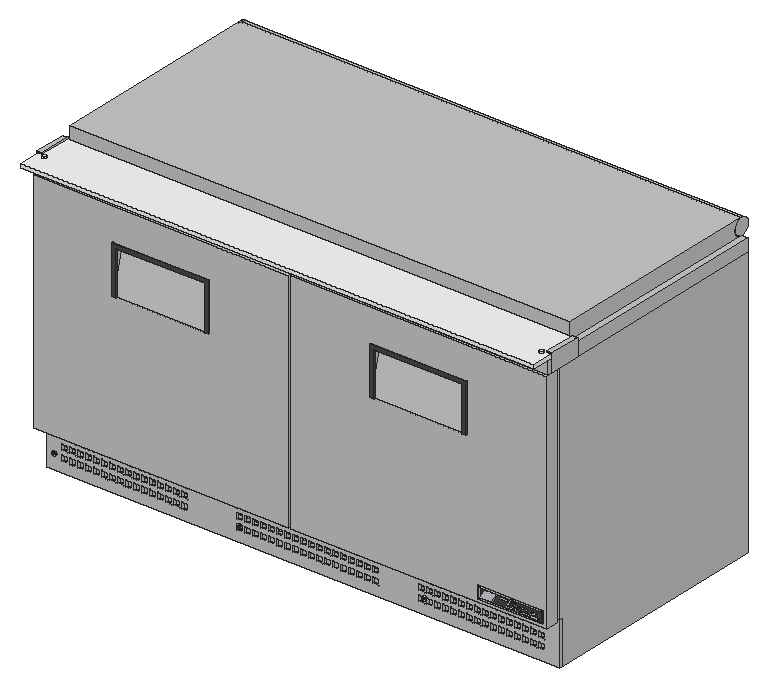
Revit family "QF_TRUE_TFP-64-24M-FGLID", category Specialty Equipment, Revit 2016
Family settings
  Part Type = Normal
  Round Connector Dimension = Use Diameter
  Work Plane-Based = No
  Always vertical = Yes
  Cut with Voids When Loaded = No
  Shared = No
  Room Calculation Point = No
Parameters
  Weight in Pounds = 570
  Watts = if(Phase = 3, Volts * FL Amps * 1.73, Volts * FL Amps)  # 552 W
  Volts = 115 V
  URL Cutsheet = ""
  Specification by User = ""
  Specification by Manufacturer = ""
  Show Logo [instance] = yes
  Show Clearance [instance] = yes
  Serial Number = ""
  Seismic Rating = ""
  SMACNA No = ""
  Revision Code = ""
  Phase = 1
  Number of Poles = 1
  NAFEM Spec ID Number = ""
  Model = "TFP-64-24M-FGLID"
  Min Ckt Ampacity = 0 A
  Max Overcurrent Protection = 0 A
  Masterspec = ""
  Manufacturer = "TRUE"
  Length = 64 1/8"
  Item Number = ""
  Installed By = ""
  Identify Quantity as Lot = yes
  Height = 38"
  HP = "1/3"
  Furnished By = ""
  Foodservice Equipment Identifier = yes
  FL Amps = 4.8 A
  Electrical Remarks = ""
  Electric Connection Type = ""
  Elec Conn RI Height = 0"
  Elec Conn Connection Height = 0"
  Description = "FOOD PREP UNIT WITH FLAT GLASS LID"
  Depth = 34 1/2"
  Cycle = 60 Hz
  Conn Plug = "NEMA 5-15P"
  Conn Conduit = yes
  CSI MasterFormat = ""
  Apparent Power = if(Phase = 3, Volts * FL Amps * 1.73, Volts * FL Amps)  # 552 VA
Reference planes (in)
  plane 1 "BACK": y = 0
  plane 2: z = 0
  plane 3 "LEFT": x = 0
  plane 4 "RIGHT": x = 64.125
  plane 5 "FRONT": y = -34.5
  plane 6 "TOP": z = 38
  plane 7 "Center Y": x = 32.0625
  plane 8 "Center X": y = -17.25
  plane 9: z = 0.75
  plane 10: z = 36
Dimensions and locks (in)
  equal spacing: plane 3 "LEFT", plane 7 "Center Y", plane 4 "RIGHT"
  "Length": plane 3 "LEFT" to plane 4 "RIGHT"
  equal spacing: plane 5 "FRONT", plane 8 "Center X", plane 1 "BACK"
  "Depth": plane 5 "FRONT" to plane 1 "BACK"
  "Height": plane 6 "TOP" to level
  plane 9 to level = 3/4"
  plane 10 to level = 36"
  aligned and locked: level to plane 2
Nested families (in)
  nested 1: "TFP-64-24M-FGLID" at (0, 16.5, 0), Show Logo <- "Show Logo", Show Clearance <- "Show Clearance", type "TFP-48-18M-FGLID"
    with Type Mark "", Specification by User "", Show Logo yes, Show Clearance yes, Revision Code "", Number of Poles 1, Item Number "", Installed By "", Identify Quantity as Lot yes, Furnished By "", Foodservice Equipment Identifier yes, Electrical Remarks "", Electric Connection Type "", Elec Conn RI Height 0", Elec Conn Connection Height 0"
Connectors (in)
  electrical at (29.81237, -0.96875, 6.1875), driven by "Volts", driven by "Watts"
    settings: on nested 1, index 1, voltage 115 V, apparent load 0 VA, apparent load phase1 552 VA, apparent load phase2 0 VA, apparent load phase3 0 VA, power factor 1, load classification "Other", number of poles 1, system type 30, power factor state 1, is connector primary yes, connector utility no, sub classification motor no, connector description "ELECTRICAL CONNECTION"
Definition of nested family "TFP-64-24M-FGLID"
  Parameters (values of type "TFP-48-18M-FGLID")
    Weight in Pounds = 0
    Watts = FL Amps * Volts  # 333.5 W
    Volts = 115 V
    URL Cutsheet = "www.truemfg.com"
    URL = "www.truemfg.com"
    Type Mark [instance] = ""
    Specification by User [instance] = ""
    Specification by Manufacturer = ""
    Show Logo [instance] = yes
    Show Clearance [instance] = yes
    Serial Number = ""
    Seismic Rating = ""
    SMACNA No = ""
    Revision Code [instance] = ""
    Phase = 1
    Omniclass Number and Title = ""
    Number of Poles [instance] = 1
    NAFEM Spec ID Number = ""
    Model = "TFP-48-18M-D-4 LID"
    Min Ckt Ampacity = 0 A
    Max Overcurrent Protection = 0 A
    Masterspec = ""
    Manufacturer = "TRUE FOOD SERVICE EQUIPMENT, INC."
    Item Number [instance] = ""
    Installed By [instance] = ""
    Identify Quantity as Lot [instance] = yes
    HP = "1/5"
    Furnished By [instance] = ""
    Foodservice Equipment Identifier [instance] = yes
    FL Amps = 2.9 A
    Electrical Remarks [instance] = ""
    Electric Connection Type [instance] = ""
    Elec Conn RI Height [instance] = 0"
    Elec Conn Connection Height [instance] = 0"
    Description = "DRAWERED FOOD PREP UNIT"
    Cycle = 60 Hz
    Conn Plug = "5-15P"
    Conn Conduit = yes
    CSI MasterFormat = ""
    CSI Master Format = ""
    Apparent Power = if(Phase = 3, Volts * FL Amps * 1.73, Volts * FL Amps)  # 333.5 VA
  Reference planes (in)
    plane 1 "BACK": y = -16.5
    plane 2: z = 0
    plane 3 "LEFT": x = 0
    plane 4 "RIGHT": x = 64.125
    plane 5 "FRONT": y = -51
    plane 6 "TOP": z = 38
    plane 7: y = -48.75
    plane 8: z = 0.75
    plane 9: z = 59.625
    plane 10: z = 36
    plane 11: y = -71.25
    plane 12: x = 0.8125
    plane 13: x = 63.3125
    plane 14: x = 3.76605
    plane 15: x = 60.35895
    plane 16: x = 32.0625
  Forms (in)
    Extrusion 1, solid
      sketch origin (8, -16.96875, 0) x (1, 0, 0) y (0, 0, 1)
        loop
          line (-8, 0.75) -> (56.125, 0.75) -> (56.125, 6.05001) -> (-8, 6.05001) -> (-8, 0.75)
        loop
          line (-6.10691, 5.23339) -> (-6.10691, 4.48339) -> (-5.35691, 4.48339) -> (-5.35691, 5.23339) -> (-6.10691, 5.23339)
        loop
          line (-4.10691, 5.23339) -> (-4.10691, 4.48339) -> (-3.35691, 4.48339) -> (-3.35691, 5.23339) -> (-4.10691, 5.23339)
        loop
          line (-2.10691, 5.23339) -> (-2.10691, 4.48339) -> (-1.35691, 4.48339) -> (-1.35691, 5.23339) -> (-2.10691, 5.23339)
        loop
          line (-0.10691, 5.23339) -> (-0.10691, 4.48339) -> (0.64309, 4.48339) -> (0.64309, 5.23339) -> (-0.10691, 5.23339)
        loop
          line (1.89309, 5.23339) -> (1.89309, 4.48339) -> (2.64309, 4.48339) -> (2.64309, 5.23339) -> (1.89309, 5.23339)
        loop
          line (3.89309, 5.23339) -> (3.89309, 4.48339) -> (4.64309, 4.48339) -> (4.64309, 5.23339) -> (3.89309, 5.23339)
        loop
          line (5.89309, 5.23339) -> (5.89309, 4.48339) -> (6.64309, 4.48339) -> (6.64309, 5.23339) -> (5.89309, 5.23339)
        loop
          line (-6.10691, 3.98339) -> (-6.10691, 3.23339) -> (-5.35691, 3.23339) -> (-5.35691, 3.98339) -> (-6.10691, 3.98339)
        loop
          line (-4.10691, 3.98339) -> (-4.10691, 3.23339) -> (-3.35691, 3.23339) -> (-3.35691, 3.98339) -> (-4.10691, 3.98339)
        loop
          line (-2.10691, 3.98339) -> (-2.10691, 3.23339) -> (-1.35691, 3.23339) -> (-1.35691, 3.98339) -> (-2.10691, 3.98339)
        loop
          line (-0.10691, 3.98339) -> (-0.10691, 3.23339) -> (0.64309, 3.23339) -> (0.64309, 3.98339) -> (-0.10691, 3.98339)
        loop
          line (1.89309, 3.98339) -> (1.89309, 3.23339) -> (2.64309, 3.23339) -> (2.64309, 3.98339) -> (1.89309, 3.98339)
        loop
          line (3.89309, 3.98339) -> (3.89309, 3.23339) -> (4.64309, 3.23339) -> (4.64309, 3.98339) -> (3.89309, 3.98339)
        loop
          line (5.89309, 3.98339) -> (5.89309, 3.23339) -> (6.64309, 3.23339) -> (6.64309, 3.98339) -> (5.89309, 3.98339)
        loop
          line (-6.10691, 2.73339) -> (-6.10691, 1.98339) -> (-5.35691, 1.98339) -> (-5.35691, 2.73339) -> (-6.10691, 2.73339)
        loop
          line (-4.10691, 2.73339) -> (-4.10691, 1.98339) -> (-3.35691, 1.98339) -> (-3.35691, 2.73339) -> (-4.10691, 2.73339)
        loop
          line (-2.10691, 2.73339) -> (-2.10691, 1.98339) -> (-1.35691, 1.98339) -> (-1.35691, 2.73339) -> (-2.10691, 2.73339)
        loop
          line (-0.10691, 2.73339) -> (-0.10691, 1.98339) -> (0.64309, 1.98339) -> (0.64309, 2.73339) -> (-0.10691, 2.73339)
        loop
          line (1.89309, 2.73339) -> (1.89309, 1.98339) -> (2.64309, 1.98339) -> (2.64309, 2.73339) -> (1.89309, 2.73339)
        loop
          line (3.89309, 2.73339) -> (3.89309, 1.98339) -> (4.64309, 1.98339) -> (4.64309, 2.73339) -> (3.89309, 2.73339)
        loop
          line (5.89309, 2.73339) -> (5.89309, 1.98339) -> (6.64309, 1.98339) -> (6.64309, 2.73339) -> (5.89309, 2.73339)
        loop
          line (-5.10691, 5.23339) -> (-5.10691, 4.48339) -> (-4.35691, 4.48339) -> (-4.35691, 5.23339) -> (-5.10691, 5.23339)
        loop
          line (-5.10691, 3.98339) -> (-5.10691, 3.23339) -> (-4.35691, 3.23339) -> (-4.35691, 3.98339) -> (-5.10691, 3.98339)
        loop
          line (-5.10691, 2.73339) -> (-5.10691, 1.98339) -> (-4.35691, 1.98339) -> (-4.35691, 2.73339) -> (-5.10691, 2.73339)
        loop
          line (-3.10691, 5.23339) -> (-3.10691, 4.48339) -> (-2.35691, 4.48339) -> (-2.35691, 5.23339) -> (-3.10691, 5.23339)
        loop
          line (-3.10691, 3.98339) -> (-3.10691, 3.23339) -> (-2.35691, 3.23339) -> (-2.35691, 3.98339) -> (-3.10691, 3.98339)
        loop
          line (-3.10691, 2.73339) -> (-3.10691, 1.98339) -> (-2.35691, 1.98339) -> (-2.35691, 2.73339) -> (-3.10691, 2.73339)
        loop
          line (-1.10691, 5.23339) -> (-1.10691, 4.48339) -> (-0.35691, 4.48339) -> (-0.35691, 5.23339) -> (-1.10691, 5.23339)
        loop
          line (-1.10691, 3.98339) -> (-1.10691, 3.23339) -> (-0.35691, 3.23339) -> (-0.35691, 3.98339) -> (-1.10691, 3.98339)
        loop
          line (-1.10691, 2.73339) -> (-1.10691, 1.98339) -> (-0.35691, 1.98339) -> (-0.35691, 2.73339) -> (-1.10691, 2.73339)
        loop
          line (0.89309, 5.23339) -> (0.89309, 4.48339) -> (1.64309, 4.48339) -> (1.64309, 5.23339) -> (0.89309, 5.23339)
        loop
          line (0.89309, 3.98339) -> (0.89309, 3.23339) -> (1.64309, 3.23339) -> (1.64309, 3.98339) -> (0.89309, 3.98339)
        loop
          line (0.89309, 2.73339) -> (0.89309, 1.98339) -> (1.64309, 1.98339) -> (1.64309, 2.73339) -> (0.89309, 2.73339)
        loop
          line (2.89309, 5.23339) -> (2.89309, 4.48339) -> (3.64309, 4.48339) -> (3.64309, 5.23339) -> (2.89309, 5.23339)
        loop
          line (2.89309, 3.98339) -> (2.89309, 3.23339) -> (3.64309, 3.23339) -> (3.64309, 3.98339) -> (2.89309, 3.98339)
        loop
          line (2.89309, 2.73339) -> (2.89309, 1.98339) -> (3.64309, 1.98339) -> (3.64309, 2.73339) -> (2.89309, 2.73339)
        loop
          line (4.89309, 5.23339) -> (4.89309, 4.48339) -> (5.64309, 4.48339) -> (5.64309, 5.23339) -> (4.89309, 5.23339)
        loop
          line (4.89309, 3.98339) -> (4.89309, 3.23339) -> (5.64309, 3.23339) -> (5.64309, 3.98339) -> (4.89309, 3.98339)
        loop
          line (4.89309, 2.73339) -> (4.89309, 1.98339) -> (5.64309, 1.98339) -> (5.64309, 2.73339) -> (4.89309, 2.73339)
        loop
          line (7.89309, 5.23339) -> (7.89309, 4.48339) -> (8.64309, 4.48339) -> (8.64309, 5.23339) -> (7.89309, 5.23339)
        loop
          line (7.89309, 3.98339) -> (7.89309, 3.23339) -> (8.64309, 3.23339) -> (8.64309, 3.98339) -> (7.89309, 3.98339)
        loop
          line (7.89309, 2.73339) -> (7.89309, 1.98339) -> (8.64309, 1.98339) -> (8.64309, 2.73339) -> (7.89309, 2.73339)
        loop
          line (6.89309, 5.23339) -> (6.89309, 4.48339) -> (7.64309, 4.48339) -> (7.64309, 5.23339) -> (6.89309, 5.23339)
        loop
          line (6.89309, 3.98339) -> (6.89309, 3.23339) -> (7.64309, 3.23339) -> (7.64309, 3.98339) -> (6.89309, 3.98339)
        loop
          line (6.89309, 2.73339) -> (6.89309, 1.98339) -> (7.64309, 1.98339) -> (7.64309, 2.73339) -> (6.89309, 2.73339)
        loop
          line (8.89309, 5.23339) -> (8.89309, 4.48339) -> (9.64309, 4.48339) -> (9.64309, 5.23339) -> (8.89309, 5.23339)
        loop
          line (8.89309, 3.98339) -> (8.89309, 3.23339) -> (9.64309, 3.23339) -> (9.64309, 3.98339) -> (8.89309, 3.98339)
        loop
          line (8.89309, 2.73339) -> (8.89309, 1.98339) -> (9.64309, 1.98339) -> (9.64309, 2.73339) -> (8.89309, 2.73339)
        loop
          line (30.4375, 5.23339) -> (29.6875, 5.23339) -> (29.6875, 4.48339) -> (30.4375, 4.48339) -> (30.4375, 5.23339)
        loop
          line (28.4375, 5.23339) -> (27.6875, 5.23339) -> (27.6875, 4.48339) -> (28.4375, 4.48339) -> (28.4375, 5.23339)
        loop
          line (26.4375, 5.23339) -> (25.6875, 5.23339) -> (25.6875, 4.48339) -> (26.4375, 4.48339) -> (26.4375, 5.23339)
        loop
          line (24.4375, 5.23339) -> (23.6875, 5.23339) -> (23.6875, 4.48339) -> (24.4375, 4.48339) -> (24.4375, 5.23339)
        loop
          line (30.4375, 3.98339) -> (29.6875, 3.98339) -> (29.6875, 3.23339) -> (30.4375, 3.23339) -> (30.4375, 3.98339)
        loop
          line (28.4375, 3.98339) -> (27.6875, 3.98339) -> (27.6875, 3.23339) -> (28.4375, 3.23339) -> (28.4375, 3.98339)
        loop
          line (26.4375, 3.98339) -> (25.6875, 3.98339) -> (25.6875, 3.23339) -> (26.4375, 3.23339) -> (26.4375, 3.98339)
        loop
          line (24.4375, 3.98339) -> (23.6875, 3.98339) -> (23.6875, 3.23339) -> (24.4375, 3.23339) -> (24.4375, 3.98339)
        loop
          line (30.4375, 2.73339) -> (29.6875, 2.73339) -> (29.6875, 1.98339) -> (30.4375, 1.98339) -> (30.4375, 2.73339)
        loop
          line (28.4375, 2.73339) -> (27.6875, 2.73339) -> (27.6875, 1.98339) -> (28.4375, 1.98339) -> (28.4375, 2.73339)
        loop
          line (26.4375, 2.73339) -> (25.6875, 2.73339) -> (25.6875, 1.98339) -> (26.4375, 1.98339) -> (26.4375, 2.73339)
        loop
          line (24.4375, 2.73339) -> (23.6875, 2.73339) -> (23.6875, 1.98339) -> (24.4375, 1.98339) -> (24.4375, 2.73339)
        loop
          line (31.4375, 5.23339) -> (30.6875, 5.23339) -> (30.6875, 4.48339) -> (31.4375, 4.48339) -> (31.4375, 5.23339)
        loop
          line (31.4375, 3.98339) -> (30.6875, 3.98339) -> (30.6875, 3.23339) -> (31.4375, 3.23339) -> (31.4375, 3.98339)
        loop
          line (31.4375, 2.73339) -> (30.6875, 2.73339) -> (30.6875, 1.98339) -> (31.4375, 1.98339) -> (31.4375, 2.73339)
        loop
          line (29.4375, 5.23339) -> (28.6875, 5.23339) -> (28.6875, 4.48339) -> (29.4375, 4.48339) -> (29.4375, 5.23339)
        loop
          line (29.4375, 3.98339) -> (28.6875, 3.98339) -> (28.6875, 3.23339) -> (29.4375, 3.23339) -> (29.4375, 3.98339)
        loop
          line (29.4375, 2.73339) -> (28.6875, 2.73339) -> (28.6875, 1.98339) -> (29.4375, 1.98339) -> (29.4375, 2.73339)
        loop
          line (27.4375, 5.23339) -> (26.6875, 5.23339) -> (26.6875, 4.48339) -> (27.4375, 4.48339) -> (27.4375, 5.23339)
        loop
          line (27.4375, 3.98339) -> (26.6875, 3.98339) -> (26.6875, 3.23339) -> (27.4375, 3.23339) -> (27.4375, 3.98339)
        loop
          line (27.4375, 2.73339) -> (26.6875, 2.73339) -> (26.6875, 1.98339) -> (27.4375, 1.98339) -> (27.4375, 2.73339)
        loop
          line (25.4375, 5.23339) -> (24.6875, 5.23339) -> (24.6875, 4.48339) -> (25.4375, 4.48339) -> (25.4375, 5.23339)
        loop
          line (25.4375, 3.98339) -> (24.6875, 3.98339) -> (24.6875, 3.23339) -> (25.4375, 3.23339) -> (25.4375, 3.98339)
        loop
          line (25.4375, 2.73339) -> (24.6875, 2.73339) -> (24.6875, 1.98339) -> (25.4375, 1.98339) -> (25.4375, 2.73339)
        loop
          line (22.4375, 5.23339) -> (21.6875, 5.23339) -> (21.6875, 4.48339) -> (22.4375, 4.48339) -> (22.4375, 5.23339)
        loop
          line (20.4375, 5.23339) -> (19.6875, 5.23339) -> (19.6875, 4.48339) -> (20.4375, 4.48339) -> (20.4375, 5.23339)
        loop
          line (18.4375, 5.23339) -> (17.6875, 5.23339) -> (17.6875, 4.48339) -> (18.4375, 4.48339) -> (18.4375, 5.23339)
        loop
          line (22.4375, 3.98339) -> (21.6875, 3.98339) -> (21.6875, 3.23339) -> (22.4375, 3.23339) -> (22.4375, 3.98339)
        loop
          line (20.4375, 3.98339) -> (19.6875, 3.98339) -> (19.6875, 3.23339) -> (20.4375, 3.23339) -> (20.4375, 3.98339)
        loop
          line (18.4375, 3.98339) -> (17.6875, 3.98339) -> (17.6875, 3.23339) -> (18.4375, 3.23339) -> (18.4375, 3.98339)
        loop
          line (22.4375, 2.73339) -> (21.6875, 2.73339) -> (21.6875, 1.98339) -> (22.4375, 1.98339) -> (22.4375, 2.73339)
        loop
          line (20.4375, 2.73339) -> (19.6875, 2.73339) -> (19.6875, 1.98339) -> (20.4375, 1.98339) -> (20.4375, 2.73339)
        loop
          line (18.4375, 2.73339) -> (17.6875, 2.73339) -> (17.6875, 1.98339) -> (18.4375, 1.98339) -> (18.4375, 2.73339)
        loop
          line (23.4375, 5.23339) -> (22.6875, 5.23339) -> (22.6875, 4.48339) -> (23.4375, 4.48339) -> (23.4375, 5.23339)
        loop
          line (23.4375, 3.98339) -> (22.6875, 3.98339) -> (22.6875, 3.23339) -> (23.4375, 3.23339) -> (23.4375, 3.98339)
        loop
          line (23.4375, 2.73339) -> (22.6875, 2.73339) -> (22.6875, 1.98339) -> (23.4375, 1.98339) -> (23.4375, 2.73339)
        loop
          line (21.4375, 5.23339) -> (20.6875, 5.23339) -> (20.6875, 4.48339) -> (21.4375, 4.48339) -> (21.4375, 5.23339)
        loop
          line (21.4375, 3.98339) -> (20.6875, 3.98339) -> (20.6875, 3.23339) -> (21.4375, 3.23339) -> (21.4375, 3.98339)
        loop
          line (21.4375, 2.73339) -> (20.6875, 2.73339) -> (20.6875, 1.98339) -> (21.4375, 1.98339) -> (21.4375, 2.73339)
        loop
          line (19.4375, 5.23339) -> (18.6875, 5.23339) -> (18.6875, 4.48339) -> (19.4375, 4.48339) -> (19.4375, 5.23339)
        loop
          line (19.4375, 3.98339) -> (18.6875, 3.98339) -> (18.6875, 3.23339) -> (19.4375, 3.23339) -> (19.4375, 3.98339)
        loop
          line (19.4375, 2.73339) -> (18.6875, 2.73339) -> (18.6875, 1.98339) -> (19.4375, 1.98339) -> (19.4375, 2.73339)
        loop
          line (16.4375, 5.23339) -> (15.6875, 5.23339) -> (15.6875, 4.48339) -> (16.4375, 4.48339) -> (16.4375, 5.23339)
        loop
          line (16.4375, 3.98339) -> (15.6875, 3.98339) -> (15.6875, 3.23339) -> (16.4375, 3.23339) -> (16.4375, 3.98339)
        loop
          line (16.4375, 2.73339) -> (15.6875, 2.73339) -> (15.6875, 1.98339) -> (16.4375, 1.98339) -> (16.4375, 2.73339)
        loop
          line (17.4375, 5.23339) -> (16.6875, 5.23339) -> (16.6875, 4.48339) -> (17.4375, 4.48339) -> (17.4375, 5.23339)
        loop
          line (17.4375, 3.98339) -> (16.6875, 3.98339) -> (16.6875, 3.23339) -> (17.4375, 3.23339) -> (17.4375, 3.98339)
        loop
          line (17.4375, 2.73339) -> (16.6875, 2.73339) -> (16.6875, 1.98339) -> (17.4375, 1.98339) -> (17.4375, 2.73339)
        loop
          line (54.23191, 5.23339) -> (53.48191, 5.23339) -> (53.48191, 4.48339) -> (54.23191, 4.48339) -> (54.23191, 5.23339)
        loop
          line (52.23191, 5.23339) -> (51.48191, 5.23339) -> (51.48191, 4.48339) -> (52.23191, 4.48339) -> (52.23191, 5.23339)
        loop
          line (50.23191, 5.23339) -> (49.48191, 5.23339) -> (49.48191, 4.48339) -> (50.23191, 4.48339) -> (50.23191, 5.23339)
        loop
          line (48.23191, 5.23339) -> (47.48191, 5.23339) -> (47.48191, 4.48339) -> (48.23191, 4.48339) -> (48.23191, 5.23339)
        loop
          line (46.23191, 5.23339) -> (45.48191, 5.23339) -> (45.48191, 4.48339) -> (46.23191, 4.48339) -> (46.23191, 5.23339)
        loop
          line (44.23191, 5.23339) -> (43.48191, 5.23339) -> (43.48191, 4.48339) -> (44.23191, 4.48339) -> (44.23191, 5.23339)
        loop
          line (42.23191, 5.23339) -> (41.48191, 5.23339) -> (41.48191, 4.48339) -> (42.23191, 4.48339) -> (42.23191, 5.23339)
        loop
          line (54.23191, 3.98339) -> (53.48191, 3.98339) -> (53.48191, 3.23339) -> (54.23191, 3.23339) -> (54.23191, 3.98339)
        loop
          line (52.23191, 3.98339) -> (51.48191, 3.98339) -> (51.48191, 3.23339) -> (52.23191, 3.23339) -> (52.23191, 3.98339)
        loop
          line (50.23191, 3.98339) -> (49.48191, 3.98339) -> (49.48191, 3.23339) -> (50.23191, 3.23339) -> (50.23191, 3.98339)
        loop
          line (48.23191, 3.98339) -> (47.48191, 3.98339) -> (47.48191, 3.23339) -> (48.23191, 3.23339) -> (48.23191, 3.98339)
        loop
          line (46.23191, 3.98339) -> (45.48191, 3.98339) -> (45.48191, 3.23339) -> (46.23191, 3.23339) -> (46.23191, 3.98339)
        loop
          line (44.23191, 3.98339) -> (43.48191, 3.98339) -> (43.48191, 3.23339) -> (44.23191, 3.23339) -> (44.23191, 3.98339)
        loop
          line (42.23191, 3.98339) -> (41.48191, 3.98339) -> (41.48191, 3.23339) -> (42.23191, 3.23339) -> (42.23191, 3.98339)
        loop
          line (54.23191, 2.73339) -> (53.48191, 2.73339) -> (53.48191, 1.98339) -> (54.23191, 1.98339) -> (54.23191, 2.73339)
        loop
          line (52.23191, 2.73339) -> (51.48191, 2.73339) -> (51.48191, 1.98339) -> (52.23191, 1.98339) -> (52.23191, 2.73339)
        loop
          line (50.23191, 2.73339) -> (49.48191, 2.73339) -> (49.48191, 1.98339) -> (50.23191, 1.98339) -> (50.23191, 2.73339)
        loop
          line (48.23191, 2.73339) -> (47.48191, 2.73339) -> (47.48191, 1.98339) -> (48.23191, 1.98339) -> (48.23191, 2.73339)
        loop
          line (46.23191, 2.73339) -> (45.48191, 2.73339) -> (45.48191, 1.98339) -> (46.23191, 1.98339) -> (46.23191, 2.73339)
        loop
          line (44.23191, 2.73339) -> (43.48191, 2.73339) -> (43.48191, 1.98339) -> (44.23191, 1.98339) -> (44.23191, 2.73339)
        loop
          line (42.23191, 2.73339) -> (41.48191, 2.73339) -> (41.48191, 1.98339) -> (42.23191, 1.98339) -> (42.23191, 2.73339)
        loop
          line (53.23191, 5.23339) -> (52.48191, 5.23339) -> (52.48191, 4.48339) -> (53.23191, 4.48339) -> (53.23191, 5.23339)
        loop
          line (53.23191, 3.98339) -> (52.48191, 3.98339) -> (52.48191, 3.23339) -> (53.23191, 3.23339) -> (53.23191, 3.98339)
        loop
          line (53.23191, 2.73339) -> (52.48191, 2.73339) -> (52.48191, 1.98339) -> (53.23191, 1.98339) -> (53.23191, 2.73339)
        loop
          line (51.23191, 5.23339) -> (50.48191, 5.23339) -> (50.48191, 4.48339) -> (51.23191, 4.48339) -> (51.23191, 5.23339)
        loop
          line (51.23191, 3.98339) -> (50.48191, 3.98339) -> (50.48191, 3.23339) -> (51.23191, 3.23339) -> (51.23191, 3.98339)
        loop
          line (51.23191, 2.73339) -> (50.48191, 2.73339) -> (50.48191, 1.98339) -> (51.23191, 1.98339) -> (51.23191, 2.73339)
        loop
          line (49.23191, 5.23339) -> (48.48191, 5.23339) -> (48.48191, 4.48339) -> (49.23191, 4.48339) -> (49.23191, 5.23339)
        loop
          line (49.23191, 3.98339) -> (48.48191, 3.98339) -> (48.48191, 3.23339) -> (49.23191, 3.23339) -> (49.23191, 3.98339)
        loop
          line (49.23191, 2.73339) -> (48.48191, 2.73339) -> (48.48191, 1.98339) -> (49.23191, 1.98339) -> (49.23191, 2.73339)
        loop
          line (47.23191, 5.23339) -> (46.48191, 5.23339) -> (46.48191, 4.48339) -> (47.23191, 4.48339) -> (47.23191, 5.23339)
        loop
          line (47.23191, 3.98339) -> (46.48191, 3.98339) -> (46.48191, 3.23339) -> (47.23191, 3.23339) -> (47.23191, 3.98339)
        loop
          line (47.23191, 2.73339) -> (46.48191, 2.73339) -> (46.48191, 1.98339) -> (47.23191, 1.98339) -> (47.23191, 2.73339)
        loop
          line (45.23191, 5.23339) -> (44.48191, 5.23339) -> (44.48191, 4.48339) -> (45.23191, 4.48339) -> (45.23191, 5.23339)
        loop
          line (45.23191, 3.98339) -> (44.48191, 3.98339) -> (44.48191, 3.23339) -> (45.23191, 3.23339) -> (45.23191, 3.98339)
        loop
          line (45.23191, 2.73339) -> (44.48191, 2.73339) -> (44.48191, 1.98339) -> (45.23191, 1.98339) -> (45.23191, 2.73339)
        loop
          line (43.23191, 5.23339) -> (42.48191, 5.23339) -> (42.48191, 4.48339) -> (43.23191, 4.48339) -> (43.23191, 5.23339)
        loop
          line (43.23191, 3.98339) -> (42.48191, 3.98339) -> (42.48191, 3.23339) -> (43.23191, 3.23339) -> (43.23191, 3.98339)
        loop
          line (43.23191, 2.73339) -> (42.48191, 2.73339) -> (42.48191, 1.98339) -> (43.23191, 1.98339) -> (43.23191, 2.73339)
        loop
          line (40.23191, 5.23339) -> (39.48191, 5.23339) -> (39.48191, 4.48339) -> (40.23191, 4.48339) -> (40.23191, 5.23339)
        loop
          line (40.23191, 3.98339) -> (39.48191, 3.98339) -> (39.48191, 3.23339) -> (40.23191, 3.23339) -> (40.23191, 3.98339)
        loop
          line (40.23191, 2.73339) -> (39.48191, 2.73339) -> (39.48191, 1.98339) -> (40.23191, 1.98339) -> (40.23191, 2.73339)
        loop
          line (41.23191, 5.23339) -> (40.48191, 5.23339) -> (40.48191, 4.48339) -> (41.23191, 4.48339) -> (41.23191, 5.23339)
        loop
          line (41.23191, 3.98339) -> (40.48191, 3.98339) -> (40.48191, 3.23339) -> (41.23191, 3.23339) -> (41.23191, 3.98339)
        loop
          line (41.23191, 2.73339) -> (40.48191, 2.73339) -> (40.48191, 1.98339) -> (41.23191, 1.98339) -> (41.23191, 2.73339)
        loop
          line (39.23191, 5.23339) -> (38.48191, 5.23339) -> (38.48191, 4.48339) -> (39.23191, 4.48339) -> (39.23191, 5.23339)
        loop
          line (39.23191, 3.98339) -> (38.48191, 3.98339) -> (38.48191, 3.23339) -> (39.23191, 3.23339) -> (39.23191, 3.98339)
        loop
          line (39.23191, 2.73339) -> (38.48191, 2.73339) -> (38.48191, 1.98339) -> (39.23191, 1.98339) -> (39.23191, 2.73339)
        loop
          line (32.4375, 5.23339) -> (31.6875, 5.23339) -> (31.6875, 4.48339) -> (32.4375, 4.48339) -> (32.4375, 5.23339)
        loop
          line (32.4375, 3.98339) -> (31.6875, 3.98339) -> (31.6875, 3.23339) -> (32.4375, 3.23339) -> (32.4375, 3.98339)
        loop
          line (32.4375, 2.73339) -> (31.6875, 2.73339) -> (31.6875, 1.98339) -> (32.4375, 1.98339) -> (32.4375, 2.73339)
        loop
          line (33.4375, 5.23339) -> (32.6875, 5.23339) -> (32.6875, 4.48339) -> (33.4375, 4.48339) -> (33.4375, 5.23339)
        loop
          line (33.4375, 3.98339) -> (32.6875, 3.98339) -> (32.6875, 3.23339) -> (33.4375, 3.23339) -> (33.4375, 3.98339)
        loop
          line (33.4375, 2.73339) -> (32.6875, 2.73339) -> (32.6875, 1.98339) -> (33.4375, 1.98339) -> (33.4375, 2.73339)
      from 29.62 to 29.87
    Extrusion 2, solid
      sketch origin (0, -0.96875, 0) x (0, 1, 0) y (0, 0, 1)
        loop
          line (-47.78125, 36) -> (-47.78125, 34.40823) -> (-16.53125, 34.40823) -> (-16.53125, 36) -> (-47.78125, 36)
      from 0 to 64.125
    Extrusion 3, solid
      sketch origin (0, -0.96875, 0) x (0, 1, 0) y (0, 0, 1)
        loop
          line (-45.87, 34.40823) -> (-45.87, 6.04042) -> (-17, 6.04042) -> (-17, 3.25) -> (-45.12, 3.25) -> (-45.12, 1) -> (-45.62, 1) -> (-45.62, 0.75) -> (-44.87, 0.75) -> (-44.87, 3) -> (-17, 3) -> (-17, 0.75) -> (-16.53125, 0.75) -> (-16.53125, 34.40823) -> (-45.87, 34.40823)
      from 0 to 64.125
    Extrusion 4, solid
      sketch origin (0, -17.46875, 0) x (1, 0, 0) y (0, 0, 1)
        loop
          line (0, 0.75) -> (0.53645, 0.75) -> (0.53645, 6.04042) -> (0, 6.04042) -> (0, 0.75)
        loop
          line (64.125, 0.75) -> (64.125, 6.04042) -> (63.58855, 6.04042) -> (63.58855, 0.75) -> (64.125, 0.75)
      from 0.03125 to 29.12
    Extrusion 5, solid
      sketch origin (0, -15.96875, 0) x (1, 0, 0) y (0, 0, 1)
        loop
          line (31.9375, 6.04042) -> (31.9375, 34.28323) -> (0, 34.28323) -> (0, 6.04042) -> (31.9375, 6.04042)
        loop
          line (9.96875, 24.28323) -> (21.96875, 24.28323) -> (21.96875, 30.28323) -> (9.96875, 30.28323) -> (9.96875, 24.28323)
        loop
          line (32.1875, 6.04042) -> (64.125, 6.04042) -> (64.125, 34.28323) -> (32.1875, 34.28323) -> (32.1875, 6.04042)
        loop
          line (54.15625, 24.28323) -> (54.15625, 30.28323) -> (42.15625, 30.28323) -> (42.15625, 24.28323) -> (54.15625, 24.28323)
      from 31.44201 to 33
    Extrusion 6, solid
      sketch origin (0, 0.53125, 0) x (0, 1, 0) y (0, 0, 1)
        loop
          line (-47.94201, 33.8406) -> (-47.94201, 20.62458) -> (-47.37, 20.62458) -> (-47.37, 33.8406) -> (-47.94201, 33.8406)
        loop
          line (-47.94201, 19.61128) -> (-47.94201, 6.82675) -> (-47.37, 6.82675) -> (-47.37, 19.61128) -> (-47.94201, 19.61128)
      from 0.53645 to 31.4375
    Extrusion 7, solid
      sketch origin (21.96875, -15.96875, 24.28323) x (0, 0, 1) y (0, 1, 0)
        loop
          line (6, -31.44201) -> (0, -31.44201) -> (0, -33) -> (6, -31.44201)
      from 0 to 12
    Extrusion 8, solid
      sketch origin (-3.46875, -48.96875, 0) x (1, 0, 0) y (0, 0, 1)
        loop
          line (25.4375, 30.28323) -> (13.4375, 30.28323) -> (13.4375, 24.28323) -> (13.9375, 24.28323) -> (13.9375, 29.78323) -> (24.9375, 29.78323) -> (24.9375, 24.28323) -> (25.4375, 24.28323) -> (25.4375, 30.28323)
        loop
          line (45.625, 30.28323) -> (45.625, 24.28323) -> (46.125, 24.28323) -> (46.125, 29.78323) -> (57.125, 29.78323) -> (57.125, 24.28323) -> (57.625, 24.28323) -> (57.625, 30.28323) -> (45.625, 30.28323)
      from 0 to 0.125
    Extrusion 9, solid
      sketch origin (0, -0.96875, 0) x (0, 1, 0) y (0, 0, 1)
        loop
          line (-50.03125, 36.5) -> (-50.03125, 36) -> (-43.28125, 36) -> (-43.28125, 36.5) -> (-50.03125, 36.5)
      from 0 to 64.125
    Extrusion 10, solid
      sketch origin (0.3125, -46.83875, 0) x (1, 0, 0) y (0, 0, 1)
        loop
          circle (0.625, 4.80001) r 0.25
        loop
          circle (0.625, 2.55001) r 0.25
        loop
          line (0.60938, 4.93254) -> (0.60938, 4.81564) -> (0.49788, 4.81564) -> (0.49788, 4.78439) -> (0.60938, 4.78439) -> (0.60937, 4.66749) -> (0.64062, 4.66749) -> (0.64063, 4.78439) -> (0.75212, 4.78439) -> (0.75212, 4.81564) -> (0.64063, 4.81564) -> (0.64063, 4.93254) -> (0.60938, 4.93254)
        loop
          line (0.60937, 2.68254) -> (0.60937, 2.56564) -> (0.49788, 2.56564) -> (0.49788, 2.53439) -> (0.60937, 2.53439) -> (0.60937, 2.41749) -> (0.64062, 2.41749) -> (0.64062, 2.53439) -> (0.75212, 2.53439) -> (0.75212, 2.56564) -> (0.64062, 2.56564) -> (0.64062, 2.68254) -> (0.60937, 2.68254)
      from 0 to 0.0625
    Revolve 11, solid
      sketch origin (1.76401, -43.01704, 0.25) x (1, 0, 0) y (0, 0, 1)
        loop
          line (2.62908, 2.14592) -> (2.525, 2.25) -> (1.475, 2.25) -> (1.375, 2.15) -> (1.375, 1.10871) -> (1.05969, 1.10871) -> (1.05969, 1) -> (2.94031, 1) -> (2.94031, 1.10871) -> (2.62908, 1.10871) -> (2.62908, 2.14592)
        axis (2.94031, 1) -> (1.05969, 1)
      angle from 0 to 360
    Revolve 12, solid
      sketch origin (1.76605, -43.76651, -2.97972) x (1, 0, 0) y (0, 0, 1)
        loop
          line (2, 5.74546) -> (2, 5.97972) -> (0.70293, 5.97972) -> (0.70293, 5.74546) -> (2, 5.74546)
        axis (2, 5.74546) -> (2, 5.97972)
      angle from 0 to 360
    Extrusion 13, solid
      sketch origin (-46.0152, -15.29971, -2.47972) x (0, 1, 0) y (0, 0, 1)
        loop
          line (-29.85761, 5.24546) -> (-29.85761, 5.04886) -> (-27.1095, 5.04886) -> (-27.1095, 5.24546) -> (-29.85761, 5.24546)
      from 49.10625 to 50.45625
    Extrusion 14, solid
      sketch origin (1.76605, -13.64346, -2.21999) x (0, 1, 0) y (0, 0, 1)
        loop
          line (-31.51386, 4.98574) -> (-31.51386, 4.78914) -> (-31.17057, 4.78914) -> (-29.89421, 3.10275)
          arc (-29.89421, 3.10275) -> (-29.21858, 2.8289) -> (-28.76575, 3.40024) r 0.60806
          line (-28.76575, 3.40024) -> (-28.76575, 4.98574) -> (-31.51386, 4.98574)
      from 1.175 to 1.325
    Extrusion 15, solid
      sketch origin (5.76605, -13.64346, -2.21999) x (0, 1, 0) y (0, 0, -1)
        loop
          line (-31.51386, -4.98574) -> (-28.76575, -4.98574) -> (-28.76575, -3.40024)
          arc (-28.76575, -3.40024) -> (-29.21858, -2.8289) -> (-29.89421, -3.10275) r 0.60806
          line (-29.89421, -3.10275) -> (-31.17057, -4.78914) -> (-31.51386, -4.78914) -> (-31.51386, -4.98574)
      from 1.175 to 1.325
    Revolve 16, solid
      sketch origin (1.76401, -19.82954, 0.25) x (1, 0, 0) y (0, 0, 1)
        loop
          line (2.62908, 2.14592) -> (2.525, 2.25) -> (1.475, 2.25) -> (1.375, 2.15) -> (1.375, 1.10871) -> (1.05969, 1.10871) -> (1.05969, 1) -> (2.94031, 1) -> (2.94031, 1.10871) -> (2.62908, 1.10871) -> (2.62908, 2.14592)
        axis (2.94031, 1) -> (1.05969, 1)
      angle from 0 to 360
    Revolve 17, solid
      sketch origin (1.76605, -20.57901, -2.97972) x (1, 0, 0) y (0, 0, 1)
        loop
          line (2, 5.74546) -> (2, 5.97972) -> (0.70293, 5.97972) -> (0.70293, 5.74546) -> (2, 5.74546)
        axis (2, 5.74546) -> (2, 5.97972)
      angle from 0 to 360
    Extrusion 18, solid
      sketch origin (-46.0152, 7.88779, -2.47972) x (0, 1, 0) y (0, 0, 1)
        loop
          line (-29.85761, 5.24546) -> (-29.85761, 5.04886) -> (-27.1095, 5.04886) -> (-27.1095, 5.24546) -> (-29.85761, 5.24546)
      from 49.10625 to 50.45625
    Extrusion 19, solid
      sketch origin (1.76605, 9.54404, -2.21999) x (0, 1, 0) y (0, 0, 1)
        loop
          line (-31.51386, 4.98574) -> (-31.51386, 4.78914) -> (-31.17057, 4.78914) -> (-29.89421, 3.10275)
          arc (-29.89421, 3.10275) -> (-29.21858, 2.8289) -> (-28.76575, 3.40024) r 0.60806
          line (-28.76575, 3.40024) -> (-28.76575, 4.98574) -> (-31.51386, 4.98574)
      from 1.175 to 1.325
    Extrusion 20, solid
      sketch origin (5.76605, 9.54404, -2.21999) x (0, 1, 0) y (0, 0, -1)
        loop
          line (-31.51386, -4.98574) -> (-28.76575, -4.98574) -> (-28.76575, -3.40024)
          arc (-28.76575, -3.40024) -> (-29.21858, -2.8289) -> (-29.89421, -3.10275) r 0.60806
          line (-29.89421, -3.10275) -> (-31.17057, -4.78914) -> (-31.51386, -4.78914) -> (-31.51386, -4.98574)
      from 1.175 to 1.325
    Revolve 21, solid
      sketch origin (62.36099, -43.01704, 0.25) x (-1, 0, 0) y (0, 0, -1)
        loop
          line (2.62908, -2.14592) -> (2.62908, -1.10871) -> (2.94031, -1.10871) -> (2.94031, -1) -> (1.05969, -1) -> (1.05969, -1.10871) -> (1.375, -1.10871) -> (1.375, -2.15) -> (1.475, -2.25) -> (2.525, -2.25) -> (2.62908, -2.14592)
        axis (2.94031, -1) -> (1.05969, -1)
      angle from 0 to 360
    Revolve 22, solid
      sketch origin (62.35895, -43.76651, -2.97972) x (-1, 0, 0) y (0, 0, -1)
        loop
          line (2, -5.74546) -> (0.70293, -5.74546) -> (0.70293, -5.97972) -> (2, -5.97972) -> (2, -5.74546)
        axis (2, -5.74546) -> (2, -5.97972)
      angle from 0 to 360
    Extrusion 23, solid
      sketch origin (110.1402, -15.29971, -2.47972) x (0, 1, 0) y (0, 0, -1)
        loop
          line (-29.85761, -5.24546) -> (-27.1095, -5.24546) -> (-27.1095, -5.04886) -> (-29.85761, -5.04886) -> (-29.85761, -5.24546)
      from 49.10625 to 50.45625
    Extrusion 24, solid
      sketch origin (62.35895, -13.64346, -2.21999) x (0, 1, 0) y (0, 0, -1)
        loop
          line (-31.51386, -4.98574) -> (-28.76575, -4.98574) -> (-28.76575, -3.40024)
          arc (-28.76575, -3.40024) -> (-29.21858, -2.8289) -> (-29.89421, -3.10275) r 0.60806
          line (-29.89421, -3.10275) -> (-31.17057, -4.78914) -> (-31.51386, -4.78914) -> (-31.51386, -4.98574)
      from 1.175 to 1.325
    Extrusion 25, solid
      sketch origin (58.35895, -13.64346, -2.21999) x (0, 1, 0) y (0, 0, 1)
        loop
          line (-31.51386, 4.98574) -> (-31.51386, 4.78914) -> (-31.17057, 4.78914) -> (-29.89421, 3.10275)
          arc (-29.89421, 3.10275) -> (-29.21858, 2.8289) -> (-28.76575, 3.40024) r 0.60806
          line (-28.76575, 3.40024) -> (-28.76575, 4.98574) -> (-31.51386, 4.98574)
      from 1.175 to 1.325
    Revolve 26, solid
      sketch origin (62.36099, -19.82954, 0.25) x (-1, 0, 0) y (0, 0, -1)
        loop
          line (2.62908, -2.14592) -> (2.62908, -1.10871) -> (2.94031, -1.10871) -> (2.94031, -1) -> (1.05969, -1) -> (1.05969, -1.10871) -> (1.375, -1.10871) -> (1.375, -2.15) -> (1.475, -2.25) -> (2.525, -2.25) -> (2.62908, -2.14592)
        axis (2.94031, -1) -> (1.05969, -1)
      angle from 0 to 360
    Revolve 27, solid
      sketch origin (62.35895, -20.57901, -2.97972) x (-1, 0, 0) y (0, 0, -1)
        loop
          line (2, -5.74546) -> (0.70293, -5.74546) -> (0.70293, -5.97972) -> (2, -5.97972) -> (2, -5.74546)
        axis (2, -5.74546) -> (2, -5.97972)
      angle from 0 to 360
    Extrusion 28, solid
      sketch origin (110.1402, 7.88779, -2.47972) x (0, 1, 0) y (0, 0, -1)
        loop
          line (-29.85761, -5.24546) -> (-27.1095, -5.24546) -> (-27.1095, -5.04886) -> (-29.85761, -5.04886) -> (-29.85761, -5.24546)
      from 49.10625 to 50.45625
    Extrusion 29, solid
      sketch origin (62.35895, 9.54404, -2.21999) x (0, 1, 0) y (0, 0, -1)
        loop
          line (-31.51386, -4.98574) -> (-28.76575, -4.98574) -> (-28.76575, -3.40024)
          arc (-28.76575, -3.40024) -> (-29.21858, -2.8289) -> (-29.89421, -3.10275) r 0.60806
          line (-29.89421, -3.10275) -> (-31.17057, -4.78914) -> (-31.51386, -4.78914) -> (-31.51386, -4.98574)
      from 1.175 to 1.325
    Extrusion 30, solid
      sketch origin (58.35895, 9.54404, -2.21999) x (0, 1, 0) y (0, 0, 1)
        loop
          line (-31.51386, 4.98574) -> (-31.51386, 4.78914) -> (-31.17057, 4.78914) -> (-29.89421, 3.10275)
          arc (-29.89421, 3.10275) -> (-29.21858, 2.8289) -> (-28.76575, 3.40024) r 0.60806
          line (-28.76575, 3.40024) -> (-28.76575, 4.98574) -> (-31.51386, 4.98574)
      from 1.175 to 1.325
    Extrusion 31, solid
      sketch origin (0, -17.46875, 0) x (1, 0, 0) y (0, 0, 1)
        loop
          circle (29.81237, 6.1875) r 0.25
      from 0 to 0.125
    Extrusion 32, solid
      sketch origin (0, -0.96875, 36.5) x (1, 0, 0) y (0, 1, 0)
        loop
          circle (1, -47.5255) r 0.25
        loop
          circle (63.125, -47.5255) r 0.25
      from 0 to 0.0625
    Extrusion 33, solid, visible <- "Show Clearance", detail levels coarse
      sketch origin (47.4169, 19.32419, 0) x (-1, 0, 0) y (0, -1, 0)
        loop
          line (-16.7081, 68.29294) -> (15.2294, 68.29294)
          arc (15.2294, 68.29294) -> (5.29734, 89.80044) -> (-16.7081, 98.57419) r 31.98279
          line (-16.7081, 98.57419) -> (-16.7081, 68.29294)
        loop
          line (47.4169, 68.29294) -> (47.4169, 98.57419)
          arc (47.4169, 98.57419) -> (25.41145, 89.80044) -> (15.4794, 68.29294) r 31.98279
          line (15.4794, 68.29294) -> (47.4169, 68.29294)
      from 6.04042 to 34.28323
    Extrusion 34, solid
      sketch origin (42.15625, -15.96875, 24.28323) x (0, 0, 1) y (0, -1, 0)
        loop
          line (6, 31.44201) -> (0, 33) -> (0, 31.44201) -> (6, 31.44201)
      from 0 to 12
    Extrusion 35, solid
      sketch origin (24.1875, 0.53125, 0) x (0, 1, 0) y (0, 0, 1)
        loop
          line (-47.94201, 33.8406) -> (-47.94201, 20.62458) -> (-47.94201, 6.82675) -> (-47.37, 6.82675) -> (-47.37, 20.62458) -> (-47.37, 33.8406) -> (-47.94201, 33.8406)
      from 8.25 to 39.125
    Extrusion 36, solid
      sketch origin (23.4375, -46.83875, 0) x (1, 0, 0) y (0, 0, 1)
        loop
          circle (0.625, 4.80001) r 0.25
        loop
          circle (0.625, 2.55001) r 0.25
        loop
          line (0.60937, 4.93254) -> (0.60937, 4.81564) -> (0.49788, 4.81564) -> (0.49788, 4.78439) -> (0.60937, 4.78439) -> (0.60937, 4.66749) -> (0.64063, 4.66749) -> (0.64063, 4.78439) -> (0.75212, 4.78439) -> (0.75212, 4.81564) -> (0.64063, 4.81564) -> (0.64063, 4.93254) -> (0.60937, 4.93254)
        loop
          line (0.60937, 2.68254) -> (0.60937, 2.56564) -> (0.49788, 2.56564) -> (0.49788, 2.53439) -> (0.60937, 2.53439) -> (0.60937, 2.41749) -> (0.64062, 2.41749) -> (0.64062, 2.53439) -> (0.75212, 2.53439) -> (0.75212, 2.56564) -> (0.64062, 2.56564) -> (0.64062, 2.68254) -> (0.60937, 2.68254)
      from 0 to 0.0625
    Extrusion 37, solid
      sketch origin (47.8125, -46.83875, 0) x (-1, 0, 0) y (0, 0, -1)
        loop
          circle (0.625, -4.80001) r 0.25
        loop
          circle (0.625, -2.55001) r 0.25
        loop
          line (0.60938, -4.93254) -> (0.64063, -4.93254) -> (0.64063, -4.81564) -> (0.75212, -4.81564) -> (0.75212, -4.78439) -> (0.64063, -4.78439) -> (0.64063, -4.66749) -> (0.60937, -4.66749) -> (0.60938, -4.78439) -> (0.49788, -4.78439) -> (0.49788, -4.81564) -> (0.60938, -4.81564) -> (0.60938, -4.93254)
        loop
          line (0.60937, -2.68254) -> (0.64062, -2.68254) -> (0.64062, -2.56564) -> (0.75212, -2.56564) -> (0.75212, -2.53439) -> (0.64062, -2.53439) -> (0.64062, -2.41749) -> (0.60937, -2.41749) -> (0.60937, -2.53439) -> (0.49788, -2.53439) -> (0.49788, -2.56564) -> (0.60937, -2.56564) -> (0.60937, -2.68254)
      from 0 to 0.0625
    Extrusion 38, solid, visible <- "Show Clearance", detail levels coarse
      sketch origin (0.8125, -0.96875, 0) x (0, -1, 0) y (0, 0, 1)
        loop
          arc (43.28125, 38) -> (39.42651, 50.06523) -> (31.1175, 59.625) r 31.39154
          line (31.1175, 59.625) -> (16.53125, 38) -> (43.28125, 38)
      from 0 to -62.5
    Extrusion 39, solid
      sketch origin (2.57812, -0.96875, 0) x (0, 1, 0) y (0, 0, 1)
        loop
          line (-16.53125, 38) -> (-43.28125, 38) -> (-43.28125, 36) -> (-16.53125, 36) -> (-16.53125, 38)
      from -1.76563 to 60.73438
    Extrusion 40, solid
      sketch origin (63.3125, -92.15002, 48) x (0, -1, 0) y (0, 0, -1)
        loop
          circle (-74.65002, 11) r 1
      from 0 to 0.0625
    Extrusion 41, solid
      sketch origin (0.8125, -0.96875, 0) x (0, -1, 0) y (0, 0, 1)
        loop
          circle (16.53125, 37) r 1
      from 0 to 0.0625
    Extrusion 42, solid
      sketch origin (0, -44.25, 38) x (0, 0, -1) y (-1, 0, 0)
        loop
          line (1.5, 0) -> (3.59177, 0) -> (3.59177, 0.125) -> (1.375, 0.125) -> (1.375, -0.5) -> (1.5, -0.5) -> (1.5, 0)
        loop
          line (1.5, -64.125) -> (1.5, -63.625) -> (1.375, -63.625) -> (1.375, -64.25) -> (3.59177, -64.25) -> (3.59177, -64.125) -> (1.5, -64.125)
      from 0 to -4
    Extrusion 43, solid
      sketch origin (63.3125, -0.96875, 0) x (0, 1, 0) y (0, 0, 1)
        loop
          circle (-16.53125, 37) r 1
      from 0 to -62.5
    Revolve 44, solid, not visible
      sketch origin (46.36099, -43.01704, 0.25) x (-1, 0, 0) y (0, 0, -1)
        loop
          line (2.62908, -2.14592) -> (2.62908, -1.10871) -> (2.94031, -1.10871) -> (2.94031, -1) -> (1.05969, -1) -> (1.05969, -1.10871) -> (1.375, -1.10871) -> (1.375, -2.15) -> (1.475, -2.25) -> (2.525, -2.25) -> (2.62908, -2.14592)
        axis (2.94031, -1) -> (1.05969, -1)
      angle from 0 to 360
    Revolve 45, solid, not visible
      sketch origin (46.35895, -43.76651, -2.97972) x (-1, 0, 0) y (0, 0, -1)
        loop
          line (2, -5.74546) -> (0.70293, -5.74546) -> (0.70293, -5.97972) -> (2, -5.97972) -> (2, -5.74546)
        axis (2, -5.74546) -> (2, -5.97972)
      angle from 0 to 360
    Extrusion 46, solid, not visible
      sketch origin (94.1402, -15.29971, -2.47972) x (0, 1, 0) y (0, 0, -1)
        loop
          line (-29.85761, -5.24546) -> (-27.1095, -5.24546) -> (-27.1095, -5.04886) -> (-29.85761, -5.04886) -> (-29.85761, -5.24546)
      from 49.10625 to 50.45625
    Extrusion 47, solid, not visible
      sketch origin (46.35895, -13.64346, -2.21999) x (0, 1, 0) y (0, 0, -1)
        loop
          line (-31.51386, -4.98574) -> (-28.76575, -4.98574) -> (-28.76575, -3.40024)
          arc (-28.76575, -3.40024) -> (-29.21858, -2.8289) -> (-29.89421, -3.10275) r 0.60806
          line (-29.89421, -3.10275) -> (-31.17057, -4.78914) -> (-31.51386, -4.78914) -> (-31.51386, -4.98574)
      from 1.175 to 1.325
    Extrusion 48, solid, not visible
      sketch origin (42.35895, -13.64346, -2.21999) x (0, 1, 0) y (0, 0, 1)
        loop
          line (-31.51386, 4.98574) -> (-31.51386, 4.78914) -> (-31.17057, 4.78914) -> (-29.89421, 3.10275)
          arc (-29.89421, 3.10275) -> (-29.21858, 2.8289) -> (-28.76575, 3.40024) r 0.60806
          line (-28.76575, 3.40024) -> (-28.76575, 4.98574) -> (-31.51386, 4.98574)
      from 1.175 to 1.325
    Revolve 49, solid, not visible
      sketch origin (46.36099, -19.82954, 0.25) x (-1, 0, 0) y (0, 0, -1)
        loop
          line (2.62908, -2.14592) -> (2.62908, -1.10871) -> (2.94031, -1.10871) -> (2.94031, -1) -> (1.05969, -1) -> (1.05969, -1.10871) -> (1.375, -1.10871) -> (1.375, -2.15) -> (1.475, -2.25) -> (2.525, -2.25) -> (2.62908, -2.14592)
        axis (2.94031, -1) -> (1.05969, -1)
      angle from 0 to 360
    Revolve 50, solid, not visible
      sketch origin (46.35895, -20.57901, -2.97972) x (-1, 0, 0) y (0, 0, -1)
        loop
          line (2, -5.74546) -> (0.70293, -5.74546) -> (0.70293, -5.97972) -> (2, -5.97972) -> (2, -5.74546)
        axis (2, -5.74546) -> (2, -5.97972)
      angle from 0 to 360
    Extrusion 51, solid, not visible
      sketch origin (94.1402, 7.88779, -2.47972) x (0, 1, 0) y (0, 0, -1)
        loop
          line (-29.85761, -5.24546) -> (-27.1095, -5.24546) -> (-27.1095, -5.04886) -> (-29.85761, -5.04886) -> (-29.85761, -5.24546)
      from 49.10625 to 50.45625
    Extrusion 52, solid, not visible
      sketch origin (46.35895, 9.54404, -2.21999) x (0, 1, 0) y (0, 0, -1)
        loop
          line (-31.51386, -4.98574) -> (-28.76575, -4.98574) -> (-28.76575, -3.40024)
          arc (-28.76575, -3.40024) -> (-29.21858, -2.8289) -> (-29.89421, -3.10275) r 0.60806
          line (-29.89421, -3.10275) -> (-31.17057, -4.78914) -> (-31.51386, -4.78914) -> (-31.51386, -4.98574)
      from 1.175 to 1.325
    Extrusion 53, solid, not visible
      sketch origin (42.35895, 9.54404, -2.21999) x (0, 1, 0) y (0, 0, 1)
        loop
          line (-31.51386, 4.98574) -> (-31.51386, 4.78914) -> (-31.17057, 4.78914) -> (-29.89421, 3.10275)
          arc (-29.89421, 3.10275) -> (-29.21858, 2.8289) -> (-28.76575, 3.40024) r 0.60806
          line (-28.76575, 3.40024) -> (-28.76575, 4.98574) -> (-31.51386, 4.98574)
      from 1.175 to 1.325
  Cuts and joins
    joined: Extrusion 3, Extrusion 4
  Lines and regions (in)
    symbolic lines
      curve 1: line (3.93527, -17.51233, 0) -> (4.85647, -18.04419, 0)
      curve 2: line (2.68527, -19.67739, 0) -> (3.93527, -17.51233, 0)
      curve 3: line (3.60647, -20.20925, 0) -> (2.68527, -19.67739, 0)
      curve 4: line (4.85647, -18.04419, 0) -> (3.60647, -20.20925, 0)
      curve 5: line (3.93527, -40.69983, 0) -> (4.85647, -41.23169, 0)
      curve 6: line (2.68527, -42.86489, 0) -> (3.93527, -40.69983, 0)
      curve 7: line (3.60647, -43.39675, 0) -> (2.68527, -42.86489, 0)
      curve 8: line (4.85647, -41.23169, 0) -> (3.60647, -43.39675, 0)
      curve 9: line (0, -17.5, 0) -> (64.125, -17.5, 0)
      curve 10: line (0, -51, 0) -> (0, -17.5, 0)
      curve 11: line (64.125, -51, 0) -> (0, -51, 0)
      curve 12: line (64.125, -17.5, 0) -> (64.125, -51, 0)
      curve 13: line (0.8125, -16.5, 0) -> (63.3125, -16.5, 0)
      curve 14: line (0.8125, -16.5, 0) -> (0.8125, -44.25, 0)
      curve 15: line (0, -44.25, 0) -> (64.125, -44.25, 0)
      curve 16: line (63.3125, -16.5, 0) -> (63.3125, -44.25, 0)
      curve 17: line (3.51823, -51, 0) -> (26.93171, -64.51778, 0)
      curve 18: arc (26.93171, -64.51778, 0) -> (30.1162, -58.03353, 0) -> (31.76422, -51, 0) r 31.98279
      curve 19: arc (32.36078, -51, 0) -> (34.0088, -58.03353, 0) -> (37.19329, -64.51778, 0) r 31.98279
      curve 20: line (37.19329, -64.51778, 0) -> (60.60677, -51, 0)
      curve 21: line (60.52817, -17.51233, 0) -> (61.44937, -18.04419, 0)
      curve 22: line (59.27817, -19.67739, 0) -> (60.52817, -17.51233, 0)
      curve 23: line (60.19937, -20.20925, 0) -> (59.27817, -19.67739, 0)
      curve 24: line (61.44937, -18.04419, 0) -> (60.19937, -20.20925, 0)
      curve 25: line (60.52817, -40.69983, 0) -> (61.44937, -41.23169, 0)
      curve 26: line (59.27817, -42.86489, 0) -> (60.52817, -40.69983, 0)
      curve 27: line (60.19937, -43.39675, 0) -> (59.27817, -42.86489, 0)
      curve 28: line (61.44937, -41.23169, 0) -> (60.19937, -43.39675, 0)
  Dimensions and locks (in)
    plane 3 "LEFT" to plane 4 "RIGHT" = 64 1/8"
    plane 4 "RIGHT" to plane 3 "LEFT" = 64 1/8"
    plane 6 "TOP" to level = 38"
    plane 5 "FRONT" to plane 1 "BACK" = 34 1/2"  (x2)
    plane 5 "FRONT" to plane 7 to plane 1 "BACK" = 2 1/4", 32 1/4"
    plane 9 to plane 2 = 59 5/8"
    plane 9 to plane 6 "TOP" to plane 8 to level = 21 5/8", 37 1/4", 3/4"
    plane 10 to level = 36"
    plane 10 to plane 8 = 35 1/4"
    plane 11 to plane 5 "FRONT" = 20 1/4"
    plane 6 "TOP" to plane 10 = 2"
    Extrusion 9 to plane 10 = 1/2"
    plane 3 "LEFT" to plane 12 = 13/16"
    plane 4 "RIGHT" to plane 13 = 13/16"
    aligned and locked: level to plane 2
    aligned and locked: Extrusion 13 to Revolve 12
    aligned and locked: Revolve 12 to Revolve 12
    aligned and locked: Extrusion 18 to Revolve 17
    aligned and locked: Revolve 17 to Revolve 17
    aligned and locked: Extrusion 23 to Revolve 22
    aligned and locked: Revolve 22 to Revolve 22
    aligned and locked: Extrusion 28 to Revolve 27
    aligned and locked: Revolve 27 to Revolve 27
  Nested families (in)
    nested 1: "QF_LOGO_TRUE" at (55.625, -48.96875, 6.43817), visible <- "Show Logo", type "QF_LOGO_TRUE", detail levels medium+fine
      with Show Logo yes
  Definition of nested family "QF_LOGO_TRUE"
    Parameters (values of type "QF_LOGO_TRUE")
      Show Logo [instance] = yes
    Reference planes (in)
      plane 1 "Center (Front/Back)": y = 0
      plane 2: z = 0
      plane 3 "Center (Left/Right)": x = 0
    Forms (in)
      Extrusion 1, solid, visible <- "Show Logo"
        sketch origin (-78.34647, 34.76905, -30.51001) x (1, 0, 0) y (0, 0, 1)
          loop
            line (81.15226, 31.65456) -> (81.07353, 31.48573) -> (82.12083, 31.48573)
            arc (82.12083, 31.48573) -> (82.14208, 31.44814) -> (82.12083, 31.41055) r 0.04386
            line (82.12083, 31.41055) -> (81.84767, 30.82478)
            arc (81.84767, 30.82478) -> (81.84531, 30.77052) -> (81.882, 30.73048) r 0.07096
            line (81.882, 30.73048) -> (82.55165, 30.73048)
            arc (82.55165, 30.73048) -> (82.63621, 30.75714) -> (82.69019, 30.82748) r 0.14742
            line (82.69019, 30.82748) -> (82.90515, 31.28847) -> (83.10265, 31.28847)
            arc (83.10265, 31.28847) -> (83.15447, 31.26942) -> (83.14697, 31.21472) r 0.04405
            line (83.14697, 31.21472) -> (82.9671, 30.82899)
            arc (82.9671, 30.82899) -> (82.9699, 30.76493) -> (83.02398, 30.73048) r 0.06943
            line (83.02398, 30.73048) -> (83.6124, 30.73048)
            arc (83.6124, 30.73048) -> (83.65748, 30.74689) -> (83.68147, 30.78844) r 0.07014
            arc (83.68147, 30.78844) -> (83.69845, 30.74745) -> (83.73943, 30.73048) r 0.05796
            line (83.73943, 30.73048) -> (84.112, 30.73048)
            arc (84.112, 30.73048) -> (84.15504, 30.74201) -> (84.18655, 30.77352) r 0.08608
            arc (84.18655, 30.77352) -> (84.20164, 30.7371) -> (84.23806, 30.72202) r 0.0515
            line (84.23806, 30.72202) -> (84.76757, 30.72202)
            arc (84.76757, 30.72202) -> (84.81086, 30.73995) -> (84.8288, 30.78324) r 0.06122
            arc (84.8288, 30.78324) -> (84.86848, 30.74355) -> (84.92269, 30.72903) r 0.10842
            line (84.92269, 30.72903) -> (85.91461, 30.72903) -> (86.02479, 30.91987) -> (85.0243, 30.91987)
            arc (85.0243, 30.91987) -> (84.99669, 30.93902) -> (84.99566, 30.97261) r 0.03732
            line (84.99566, 30.97261) -> (85.01297, 31.00972)
            arc (85.01297, 31.00972) -> (85.03954, 31.04453) -> (85.0813, 31.05774) r 0.07263
            line (85.0813, 31.05774) -> (85.40289, 31.05774)
            arc (85.40289, 31.05774) -> (85.4723, 31.07633) -> (85.52311, 31.12715) r 0.13882
            line (85.52311, 31.12715) -> (85.61625, 31.28847)
            arc (85.61625, 31.28847) -> (85.61625, 31.37458) -> (85.54168, 31.41763) r 0.08611
            line (85.54168, 31.41763) -> (85.20227, 31.41763)
            arc (85.20227, 31.41763) -> (85.11574, 31.40294) -> (85.05538, 31.33923) r 0.13863
            line (85.05538, 31.33923) -> (84.89409, 30.99333)
            arc (84.89409, 30.99333) -> (84.84649, 30.9313) -> (84.77191, 30.90778) r 0.13002
            line (84.77191, 30.90778) -> (84.41984, 30.90778)
            arc (84.41984, 30.90778) -> (84.3777, 30.95378) -> (84.38042, 31.0161) r 0.08151
            line (84.38042, 31.0161) -> (84.56766, 31.41763) -> (84.44849, 31.41763) -> (84.25012, 30.99222)
            arc (84.25012, 30.99222) -> (84.21158, 30.94199) -> (84.15119, 30.92296) r 0.10527
            line (84.15119, 30.92296) -> (83.90842, 30.92296)
            arc (83.90842, 30.92296) -> (83.8674, 30.97642) -> (83.87619, 31.04323) r 0.08805
            line (83.87619, 31.04323) -> (84.05078, 31.41763) -> (83.92772, 31.41763) -> (83.72676, 30.98668)
            arc (83.72676, 30.98668) -> (83.68011, 30.94003) -> (83.61639, 30.92296) r 0.12745
            line (83.61639, 30.92296) -> (83.26484, 30.92296)
            arc (83.26484, 30.92296) -> (83.2017, 30.9524) -> (83.19563, 31.0218) r 0.06967
            line (83.19563, 31.0218) -> (83.31118, 31.26961) -> (83.47452, 31.26961)
            arc (83.47452, 31.26961) -> (83.50209, 31.35268) -> (83.56075, 31.41763) r 0.21289
            line (83.56075, 31.41763) -> (82.92244, 31.41763)
            arc (82.92244, 31.41763) -> (82.85151, 31.40191) -> (82.80242, 31.34834) r 0.12081
            line (82.80242, 31.34834) -> (82.6294, 30.9773)
            arc (82.6294, 30.9773) -> (82.58962, 30.93752) -> (82.53528, 30.92296) r 0.10869
            line (82.53528, 30.92296) -> (82.1542, 30.92296)
            arc (82.1542, 30.92296) -> (82.12446, 30.96315) -> (82.13012, 31.01283) r 0.06822
            line (82.13012, 31.01283) -> (82.38156, 31.48573) -> (83.01596, 31.48573) -> (83.09469, 31.65456) -> (82.46029, 31.65456) -> (82.53902, 31.8234) -> (82.31334, 31.8234) -> (82.23461, 31.65456) -> (81.15226, 31.65456)
          loop
            arc (85.15937, 31.26434) -> (85.13191, 31.25698) -> (85.1118, 31.23688) r 0.05494
            line (85.1118, 31.23688) -> (85.09547, 31.18665)
            arc (85.09547, 31.18665) -> (85.10304, 31.16837) -> (85.12133, 31.16079) r 0.02586
            line (85.12133, 31.16079) -> (85.39889, 31.16079)
            arc (85.39889, 31.16079) -> (85.41888, 31.16523) -> (85.43513, 31.1777) r 0.04731
            line (85.43513, 31.1777) -> (85.44863, 31.2402)
            arc (85.44863, 31.2402) -> (85.44466, 31.25693) -> (85.42914, 31.26434) r 0.01994
            line (85.42914, 31.26434) -> (85.15937, 31.26434)
          loop
            line (78.62961, 30.74125) -> (80.12032, 30.74125) -> (80.73891, 31.81268) -> (79.2482, 31.81268) -> (78.62961, 30.74125)
        from 34.76797 to 34.83173
      Extrusion 2, solid, visible <- "Show Logo"
        sketch origin (-142.84857, 34.75108, -33.3546) x (1, 0, 0) y (0, 0, 1)
          loop
            line (150.81107, 34.71978) -> (142.98607, 34.71978) -> (142.98607, 33.4921) -> (150.81107, 33.4921) -> (150.81107, 34.71978)
        from 34.75108 to 34.78125
      Extrusion 3, solid, visible <- "Show Logo"
        sketch origin (-142.84857, 34.75108, -33.3546) x (1, 0, 0) y (0, 0, 1)
          loop
            line (150.94857, 34.85727) -> (142.84857, 34.85727) -> (142.84857, 33.3546) -> (150.94857, 33.3546) -> (150.94857, 34.85727)
          loop
            line (142.98607, 34.71978) -> (142.98607, 33.4921) -> (150.81107, 33.4921) -> (150.81107, 34.71978) -> (142.98607, 34.71978)
        from 34.75108 to 34.81376
      Extrusion 4, solid, not visible
        sketch origin (121.45701, -16.5, 4.98235) x (1, 0, 0) y (0, 0, 1)
          loop
            line (25.20115, 35.89949) -> (25.20115, 33.96647) -> (30.95381, 33.96647) -> (30.95381, 35.89949) -> (25.20115, 35.89949)
        from 31.5 to 31.54261
      Extrusion 5, solid, not visible
        sketch origin (121.45701, -16.5, 4.98235) x (1, 0, 0) y (0, 0, 1)
          loop
            line (26.7387, 34.95472) -> (26.61492, 34.49276) -> (27.038, 34.49276)
            arc (27.038, 34.49276) -> (27.13117, 34.52484) -> (27.18485, 34.60749) r 0.15134
            arc (27.18485, 34.60749) -> (27.20396, 34.68138) -> (27.22435, 34.75493) r 4.37326
